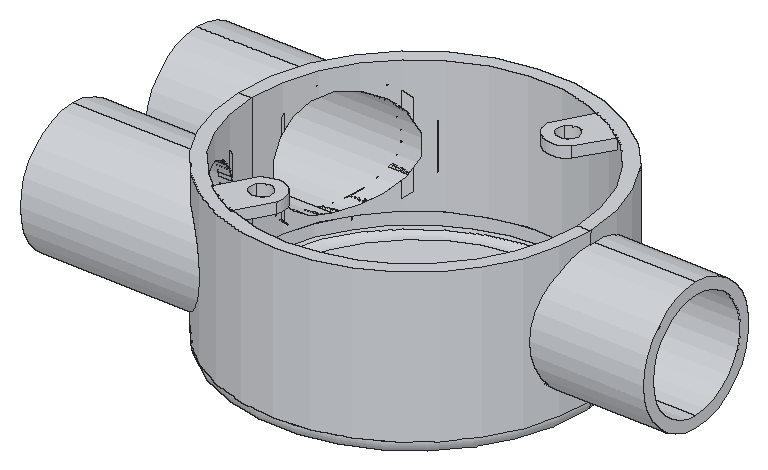
Revit family "MB7G", category Generic Models, Revit 2017
Family settings
  Can host rebar = No
  Round Connector Dimension = Use Diameter
  Part Type = Normal
  Work Plane-Based = Yes
  Always vertical = No
  Cut with Voids When Loaded = No
  Shared = No
  Room Calculation Point = No
Parameters (values of type "NBS Standard Parameters")
  Weight = "0.296Kg"
  WarrantyStartDate [instance] = "1900-12-31T23:59:59"
  WarrantyGuarantorParts = "n/a"
  WarrantyGuarantorLabor = "n/a"
  WarrantyDurationUnit = "1 year"
  WarrantyDurationParts = "n/a"
  WarrantyDurationLabor = "n/a"
  WarrantyDescription = "n/a"
  Version = "1"
  Uniclass2 = "Pr_65_70_11_20"
  TagNumber [instance] = "n/a"
  SustainabilityPerformance = "n/a"
  Size = "20mm"
  Shape = "Circular"
  SerialNumber [instance] = "n/a"
  Revision = "n/a"
  ReplacementCost = "n/a"
  ProductInformation = "www.metpro.co.uk/pdf/mb7g.pdf"
  NominalWidth = 60 mm
  NominalLength = 60 mm
  NominalHeight = 30 mm
  Name = ""
  NBSTypeID = ""
  NBSReference = "90-55-10/460"
  NBSOfficeMasterTag = ""
  NBSNote = ""
  NBSDescription = "Conduit Fittings"
  NBSCertification = ""
  ModelReference = "MB7G"
  ModelNumber = "n/a"
  Material = "Malleable Iron"
  ManufacturerURL = "www.metpro.co.uk"
  ManufacturerName = "Metpro Ltd"
  Keynote = "Compliant to LU Standard 1-085"
  InstallationDate [instance] = "1900-12-31T23:59:59"
  IfcExportType = ""
  IfcExportAs = ""
  Grade = "n/a"
  Finish = "Galvanised"
  Features = "n/a"
  ExpectedLife = "n/a"
  DurationUnit = "year"
  Description = "MB7G - 20mm Y Malleable Conduit Box"
  Default Elevation = 1219.2 mm
  Constituents = "n/a"
  Color = "n/a"
  CodePerformance = "n/a"
  Category = "n/a"
  BarCode [instance] = "n/a"
  BIMObjectName = "Metpro_Metprolibrary_Conduitfittings_Metalcomponent_Malleablecircularbox"
  Author = "Metpro Ltd"
  AssetType = ""
  AssetIdentifier [instance] = "n/a"
  AccessibilityPerformance = "n/a"
Reference planes
  plane 1 "Center (Front/Back)": y = 0
  plane 2: z = 0
  plane 3 "Center (Left/Right)": x = 0
Forms (mm)
  Revolve 1, solid
    sketch origin (-59.718, 21.96, -25.271) x (1, 0, 0) y (0, 0, 1)
      loop
        line (-32.5, 40.541) -> (-32.5, 12.5)
        arc (-32.5, 12.5) -> (-31.768, 10.732) -> (-30, 10) r 2.5
        line (-30, 10) -> (0, 10) -> (0, 12.541) -> (-27, 12.541)
        arc (-27, 12.541) -> (-29.121, 13.42) -> (-30, 15.541) r 3
        line (-30, 15.541) -> (-30, 40.541) -> (-32.5, 40.541)
      axis (0, 10) -> (0, 40.541)
    angle from 0 to 360
  Extrusion 2, void
    sketch origin (-59.718, 21.96, -25.271) x (0, 0, 1) y (0, -1, 0)
      loop
        circle (26.504, 14.543) r 10
      loop
        circle (26.504, -14.207) r 10
    from -49.218 to -16.007
  Extrusion 3, solid
    sketch origin (-61.218, 21.96, -24.021) x (0, 0, 1) y (0, 1, 0)
      loop
        circle (25.254, 14.207) r 10
      loop
        circle (25.254, 14.207) r 12
      loop
        circle (25.254, -14.543) r 10
      loop
        circle (25.254, -14.543) r 12
    from 14.507 to 50
  Extrusion 4, solid
    sketch origin (-59.718, 21.96, -25.271) x (0, 0, 1) y (0, -1, 0)
      loop
        circle (26.504, -0.457) r 12
      loop
        circle (26.504, -0.457) r 10
    from 28.128 to 51.5
  Extrusion 5, solid
    sketch origin (-59.618, 22.334, 15.271) x (0.5, 0.866025, 0) y (-0.866025, 0.5, 0)
      loop
        arc (-23.125, -3.889) -> (-20.062, 0) -> (-23.125, 3.889) r 4
        line (-23.125, 3.889) -> (-30.177, 3.889)
        arc (-30.177, 3.889) -> (-30.458, 0.002) -> (-30.233, -3.889) r 30
        line (-30.233, -3.889) -> (-23.125, -3.889)
      loop
        circle (-24.062, 0) r 2
    from -2 to 0
  Extrusion 6, solid
    sketch origin (-59.818, 21.586, 15.271) x (-0.5, -0.866025, 0) y (0.866025, -0.5, 0)
      loop
        arc (-23.125, -3.889) -> (-20.063, 0) -> (-23.125, 3.889) r 4
        line (-23.125, 3.889) -> (-30.161, 3.889)
        arc (-30.161, 3.889) -> (-30.414, 0) -> (-30.161, -3.889) r 30
        line (-30.161, -3.889) -> (-23.125, -3.889)
      loop
        circle (-24.062, 0) r 2
    from -2 to 0
  Extrusion 7, void
    sketch origin (-8.218, 21.96, -25.271) x (0, 0, -1) y (0, -1, 0)
      loop
        circle (-26.504, -0.457) r 10
    from 0 to 25.284
  Extrusion 8, void
    sketch origin (-59.718, 21.96, 15.271) x (-1, 0, 0) y (0, 1, 0)
      loop
        circle (0, 0) r 30
    from 0 to 27.278
Cuts and joins
  Extrusion 2, Extrusion 7, Extrusion 8 cuts Revolve 1
  Extrusion 2, Extrusion 7, Extrusion 8 cuts Extrusion 3
  Extrusion 7, Extrusion 8 cuts Extrusion 4
Dimensions and locks
  aligned and locked: level to plane 2
